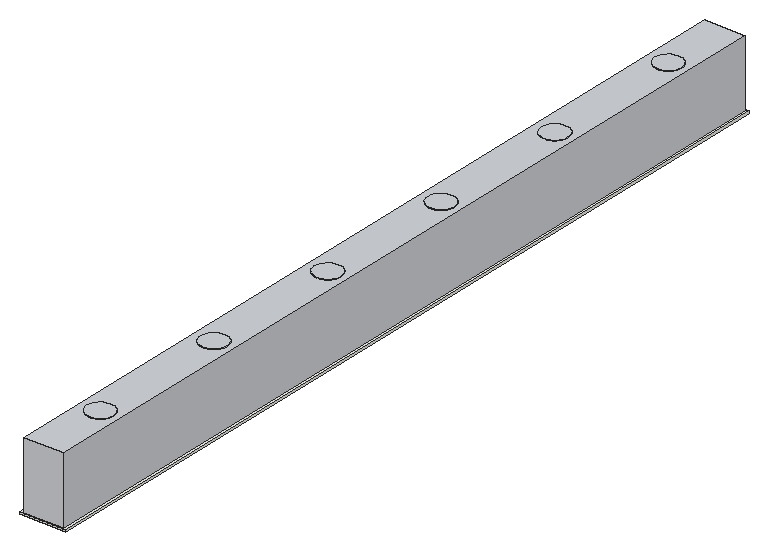
Revit family "MADEL_GRILL_LINEAR_LMT+(PLRX) – (6.D1)_tarifa", category Terminales de aire, Revit 2015
Parameters (values of type "LMT+PLRX 2000x75")
  n_factor [instance] = 30.587  # constant formula
  m_factor = 1.8995  # constant formula
  c_factor [instance] = 1.4086  # constant formula
  b_factor = 0.2676  # constant formula
  V1 [instance] = if(or(ARI, ARD, INT), 1 = 0, 1 = 1)  # yes
  Revit Version = "Revit 2015 - English"  # constant formula
  Review Date = "11/2016"  # constant formula
  Q_Connector [instance] = Q / 6  # 140.598 m³/h
  Q [instance] = 843.588 m³/h
  Product Type [instance] = Modelo  # "LMT+PLRX 2000x75"
  Product Size = "2000x75"
  Product Reference [instance] = if(PLRX, if(AIS, if(R, if(SP, if(DD, if(Nº Options = 7, if([(S)], if(ARD, "LMT-DD-ARD+SP+PLRX+AIS+R (S)", if(INT, "LMT-DD-INT+SP+PLRX+AIS+R (S)", if(ARI, "LMT-DD-ARI+SP+PLRX+AIS+R (S)", "Consult Manufacturer"))), if([(O)], if(ARD, "LMT-DD-ARD+SP+PLRX+AIS+R (O)", if(INT, "LMT-DD-INT+SP+PLRX+AIS+R (O)", if(ARI, "LMT-DD-ARI+SP+PLRX+AIS+R (O)", "Consult Manufacturer"))), "Consult Manufacturer")), if(Nº Options = 6, if(ARD, "LMT-DD-ARD+SP+PLRX+AIS+R", if([(S)], "LMT-DD+SP+PLRX+AIS+R (S)", if([(O)], "LMT-DD+SP+PLRX+AIS+R (O)", if(INT, "LMT-DD-INT+SP+PLRX+AIS+R", if(ARI, "LMT-DD-ARI+SP+PLRX+AIS+R", "Consult Manufacturer"))))), if(Nº Options = 5, "LMT-DD+SP+PLRX+AIS+R", "Consult Manufacturer"))), if(Nº Options = 6, if([(S)], if(ARD, "LMT-ARD+SP+PLRX+AIS+R (S)", if(INT, "LMT-INT+SP+PLRX+AIS+R (S)", if(ARI, "LMT-ARI+SP+PLRX+AIS+R (S)", "Consult Manufacturer"))), if([(O)], if(ARD, "LMT-ARD+SP+PLRX+AIS+R (O)", if(INT, "LMT-INT+SP+PLRX+AIS+R (O)", if(ARI, "LMT-ARI+SP+PLRX+AIS+R (O)", "Consult Manufacturer"))), "Consult Manufacturer")), if(Nº Options = 5, if(ARD, "LMT-ARD+SP+PLRX+AIS+R", if([(S)], "LMT+SP+PLRX+AIS+R (S)", if([(O)], "LMT+SP+PLRX+AIS+R (O)", if(INT, "LMT-INT+SP+PLRX+AIS+R", if(ARI, "LMT-ARI+SP+PLRX+AIS+R", "Consult Manufacturer"))))), if(Nº Options = 4, "LMT+SP+PLRX+AIS+R", "Consult Manufacturer")))), if(DD, if(Nº Options = 6, if([(S)], if(ARD, "LMT-DD-ARD+PLRX+AIS+R (S)", if(INT, "LMT-DD-INT+PLRX+AIS+R (S)", if(ARI, "LMT-DD-ARI+PLRX+AIS+R (S)", "Consult Manufacturer"))), if([(O)], if(ARD, "LMT-DD-ARD+PLRX+AIS+R (O)", if(INT, "LMT-DD-INT+PLRX+AIS+R (O)", if(ARI, "LMT-DD-ARI+PLRX+AIS+R (O)", "Consult Manufacturer"))), "Consult Manufacturer")), if(Nº Options = 5, if(ARD, "LMT-DD-ARD+PLRX+AIS+R", if([(S)], "LMT-DD+PLRX+AIS+R (S)", if([(O)], "LMT-DD+PLRX+AIS+R (O)", if(INT, "LMT-DD-INT+PLRX+AIS+R", if(ARI, "LMT-DD-ARI+PLRX+AIS+R", "Consult Manufacturer"))))), if(Nº Options = 4, "LMT-DD+PLRX+AIS+R", "Consult Manufacturer"))), if(Nº Options = 4, if(ARD, "LMT-ARD+PLRX+AIS+R", if(INT, "LMT-INT+PLRX+AIS+R", if(ARI, "LMT-ARI+PLRX+AIS+R", if([(S)], "LMT+PLRX+AIS+R (S)", if([(O)], "LMT+PLRX+AIS+R (O)", "Consult Manufacturer"))))), if(Nº Options = 5, if([(S)], if(ARD, "LMT-ARD+PLRX+AIS+R (S)", if(INT, "LMT-INT+PLRX+AIS+R (S)", if(ARI, "LMT-ARI+PLRX+AIS+R (S)", "Consult Manufacturer"))), if([(O)], if(ARD, "LMT-ARD+PLRX+AIS+R (O)", if(INT, "LMT-INT+PLRX+AIS+R (O)", if(ARI, "LMT-ARI+PLRX+AIS+R (O)", "Consult Manufacturer"))), "Consult Manufacturer")), if(Nº Options = 3, "LMT+PLRX+AIS+R", "Consult Manufacturer"))))), if(SP, if(DD, if(Nº Options = 6, if([(S)], if(ARD, "LMT-DD-ARD+SP+PLRX+AIS (S)", if(INT, "LMT-DD-INT+SP+PLRX+AIS (S)", if(ARI, "LMT-DD-ARI+SP+PLRX+AIS (S)", "Consult Manufacturer"))), if([(O)], if(ARD, "LMT-DD-ARD+SP+PLRX+AIS (O)", if(INT, "LMT-DD-INT+SP+PLRX+AIS (O)", if(ARI, "LMT-DD-ARI+SP+PLRX+AIS (O)", "Consult Manufacturer"))), "Consult Manufacturer")), if(Nº Options = 5, if(ARD, "LMT-DD-ARD+SP+PLRX+AIS", if([(S)], "LMT-DD+SP+PLRX+AIS (S)", if([(O)], "LMT-DD+SP+PLRX+AIS (O)", if(INT, "LMT-DD-INT+SP+PLRX+AIS", if(ARI, "LMT-DD-ARI+SP+PLRX+AIS", "Consult Manufacturer"))))), if(Nº Options = 4, "LMT-DD+SP+PLRX+AIS", "Consult Manufacturer"))), if(Nº Options = 5, if([(S)], if(ARD, "LMT-ARD+SP+PLRX+AIS (S)", if(INT, "LMT-INT+SP+PLRX+AIS (S)", if(ARI, "LMT-ARI+SP+PLRX+AIS (S)", "Consult Manufacturer"))), if([(O)], if(ARD, "LMT-ARD+SP+PLRX+AIS (O)", if(INT, "LMT-INT+SP+PLRX+AIS (O)", if(ARI, "LMT-ARI+SP+PLRX+AIS (O)", "Consult Manufacturer"))), "Consult Manufacturer")), if(Nº Options = 4, if(ARD, "LMT-ARD+SP+PLRX+AIS", if([(S)], "LMT+SP+PLRX+AIS (S)", if([(O)], "LMT+SP+PLRX+AIS (O)", if(INT, "LMT-INT+SP+PLRX+AIS", if(ARI, "LMT-ARI+SP+PLRX+AIS", "Consult Manufacturer"))))), if(Nº Options = 3, "LMT+SP+PLRX+AIS", "Consult Manufacturer")))), if(DD, if(Nº Options = 5, if([(S)], if(ARD, "LMT-DD-ARD+PLRX+AIS (S)", if(INT, "LMT-DD-INT+PLRX+AIS (S)", if(ARI, "LMT-DD-ARI+PLRX+AIS (S)", "Consult Manufacturer"))), if([(O)], if(ARD, "LMT-DD-ARD+PLRX+AIS (O)", if(INT, "LMT-DD-INT+PLRX+AIS (O)", if(ARI, "LMT-DD-ARI+PLRX+AIS (O)", "Consult Manufacturer"))), "Consult Manufacturer")), if(Nº Options = 4, if(ARD, "LMT-DD-ARD+PLRX+AIS", if([(S)], "LMT-DD+PLRX+AIS (S)", if([(O)], "LMT-DD+PLRX+AIS (O)", if(INT, "LMT-DD-INT+PLRX+AIS", if(ARI, "LMT-DD-ARI+PLRX+AIS", "Consult Manufacturer"))))), if(Nº Options = 3, "LMT-DD+PLRX+AIS", "Consult Manufacturer"))), if(Nº Options = 3, if(ARD, "LMT-ARD+PLRX+AIS", if(INT, "LMT-INT+PLRX+AIS", if(ARI, "LMT-ARI+PLRX+AIS", if([(S)], "LMT+PLRX+AIS (S)", if([(O)], "LMT+PLRX+AIS (O)", "Consult Manufacturer"))))), if(Nº Options = 4, if([(S)], if(ARD, "LMT-ARD+PLRX+AIS (S)", if(INT, "LMT-INT+PLRX+AIS (S)", if(ARI, "LMT-ARI+PLRX+AIS (S)", "Consult Manufacturer"))), if([(O)], if(ARD, "LMT-ARD+PLRX+AIS (O)", if(INT, "LMT-INT+PLRX+AIS (O)", if(ARI, "LMT-ARI+PLRX+AIS (O)", "Consult Manufacturer"))), "Consult Manufacturer")), if(Nº Options = 2, "LMT+PLRX+AIS", "Consult Manufacturer")))))), if(R, if(SP, if(DD, if(Nº Options = 6, if([(S)], if(ARD, "LMT-DD-ARD+SP+PLRX+R (S)", if(INT, "LMT-DD-INT+SP+PLRX+R (S)", if(ARI, "LMT-DD-ARI+SP+PLRX+R (S)", "Consult Manufacturer"))), if([(O)], if(ARD, "LMT-DD-ARD+SP+PLRX+R (O)", if(INT, "LMT-DD-INT+SP+PLRX+R (O)", if(ARI, "LMT-DD-ARI+SP+PLRX+R (O)", "Consult Manufacturer"))), "Consult Manufacturer")), if(Nº Options = 5, if(ARD, "LMT-DD-ARD+SP+PLRX+R", if([(S)], "LMT-DD+SP+PLRX+R (S)", if([(O)], "LMT-DD+SP+PLRX+R (O)", if(INT, "LMT-DD-INT+SP+PLRX+R", if(ARI, "LMT-DD-ARI+SP+PLRX+R", "Consult Manufacturer"))))), if(Nº Options = 4, "LMT-DD+SP+PLRX+R", "Consult Manufacturer"))), if(Nº Options = 5, if([(S)], if(ARD, "LMT-ARD+SP+PLRX+R (S)", if(INT, "LMT-INT+SP+PLRX+R (S)", if(ARI, "LMT-ARI+SP+PLRX+R (S)", "Consult Manufacturer"))), if([(O)], if(ARD, "LMT-ARD+SP+PLRX+R (O)", if(INT, "LMT-INT+SP+PLRX+R (O)", if(ARI, "LMT-ARI+SP+PLRX+R (O)", "Consult Manufacturer"))), "Consult Manufacturer")), if(Nº Options = 4, if(ARD, "LMT-ARD+SP+PLRX+R", if([(S)], "LMT+SP+PLRX+R (S)", if([(O)], "LMT+SP+PLRX+R (O)", if(INT, "LMT-INT+SP+PLRX+R", if(ARI, "LMT-ARI+SP+PLRX+R", "Consult Manufacturer"))))), if(Nº Options = 3, "LMT+SP+PLRX+R", "Consult Manufacturer")))), if(DD, if(Nº Options = 5, if([(S)], if(ARD, "LMT-DD-ARD+PLRX+R (S)", if(INT, "LMT-DD-INT+PLRX+R (S)", if(ARI, "LMT-DD-ARI+PLRX+R (S)", "Consult Manufacturer"))), if([(O)], if(ARD, "LMT-DD-ARD+PLRX+R (O)", if(INT, "LMT-DD-INT+PLRX+R (O)", if(ARI, "LMT-DD-ARI+PLRX+R (O)", "Consult Manufacturer"))), "Consult Manufacturer")), if(Nº Options = 4, if(ARD, "LMT-DD-ARD+PLRX+R", if([(S)], "LMT-DD+PLRX+R (S)", if([(O)], "LMT-DD+PLRX+R (O)", if(INT, "LMT-DD-INT+PLRX+R", if(ARI, "LMT-DD-ARI+PLRX+R", "Consult Manufacturer"))))), if(Nº Options = 3, "LMT-DD+PLRX+R", "Consult Manufacturer"))), if(Nº Options = 3, if(ARD, "LMT-ARD+PLRX+R", if(INT, "LMT-INT+PLRX+R", if(ARI, "LMT-ARI+PLRX+R", if([(S)], "LMT+PLRX+R (S)", if([(O)], "LMT+PLRX+R (O)", "Consult Manufacturer"))))), if(Nº Options = 4, if([(S)], if(ARD, "LMT-ARD+PLRX+R (S)", if(INT, "LMT-INT+PLRX+R (S)", if(ARI, "LMT-ARI+PLRX+R (S)", "Consult Manufacturer"))), if([(O)], if(ARD, "LMT-ARD+PLRX+R (O)", if(INT, "LMT-INT+PLRX+R (O)", if(ARI, "LMT-ARI+PLRX+R (O)", "Consult Manufacturer"))), "Consult Manufacturer")), if(Nº Options = 2, "LMT+PLRX+R", "Consult Manufacturer"))))), if(SP, if(DD, if(Nº Options = 5, if([(S)], if(ARD, "LMT-DD-ARD+SP+PLRX (S)", if(INT, "LMT-DD-INT+SP+PLRX (S)", if(ARI, "LMT-DD-ARI+SP+PLRX (S)", "Consult Manufacturer"))), if([(O)], if(ARD, "LMT-DD-ARD+SP+PLRX (O)", if(INT, "LMT-DD-INT+SP+PLRX (O)", if(ARI, "LMT-DD-ARI+SP+PLRX (O)", "Consult Manufacturer"))), "Consult Manufacturer")), if(Nº Options = 4, if(ARD, "LMT-DD-ARD+SP+PLRX", if([(S)], "LMT-DD+SP+PLRX (S)", if([(O)], "LMT-DD+SP+PLRX (O)", if(INT, "LMT-DD-INT+SP+PLRX", if(ARI, "LMT-DD-ARI+SP+PLRX", "Consult Manufacturer"))))), if(Nº Options = 3, "LMT-DD+SP+PLRX", "Consult Manufacturer"))), if(Nº Options = 4, if([(S)], if(ARD, "LMT-ARD+SP+PLRX (S)", if(INT, "LMT-INT+SP+PLRX (S)", if(ARI, "LMT-ARI+SP+PLRX (S)", "Consult Manufacturer"))), if([(O)], if(ARD, "LMT-ARD+SP+PLRX (O)", if(INT, "LMT-INT+SP+PLRX (O)", if(ARI, "LMT-ARI+SP+PLRX (O)", "Consult Manufacturer"))), "Consult Manufacturer")), if(Nº Options = 3, if(ARD, "LMT-ARD+SP+PLRX", if([(S)], "LMT+SP+PLRX (S)", if([(O)], "LMT+SP+PLRX (O)", if(INT, "LMT-INT+SP+PLRX", if(ARI, "LMT-ARI+SP+PLRX", "Consult Manufacturer"))))), if(Nº Options = 2, "LMT+SP+PLRX", "Consult Manufacturer")))), if(DD, if(Nº Options = 4, if([(S)], if(ARD, "LMT-DD-ARD+PLRX (S)", if(INT, "LMT-DD-INT+PLRX (S)", if(ARI, "LMT-DD-ARI+PLRX (S)", "Consult Manufacturer"))), if([(O)], if(ARD, "LMT-DD-ARD+PLRX (O)", if(INT, "LMT-DD-INT+PLRX (O)", if(ARI, "LMT-DD-ARI+PLRX (O)", "Consult Manufacturer"))), "Consult Manufacturer")), if(Nº Options = 3, if(ARD, "LMT-DD-ARD+PLRX", if([(S)], "LMT-DD+PLRX (S)", if([(O)], "LMT-DD+PLRX (O)", if(INT, "LMT-DD-INT+PLRX", if(ARI, "LMT-DD-ARI+PLRX", "Consult Manufacturer"))))), if(Nº Options = 2, "LMT-DD+PLRX", "Consult Manufacturer"))), if(Nº Options = 2, if(ARD, "LMT-ARD+PLRX", if(INT, "LMT-INT+PLRX", if(ARI, "LMT-ARI+PLRX", if([(S)], "LMT+PLRX (S)", if([(O)], "LMT+PLRX (O)", "Consult Manufacturer"))))), if(Nº Options = 3, if([(S)], if(ARD, "LMT-ARD+PLRX (S)", if(INT, "LMT-INT+PLRX (S)", if(ARI, "LMT-ARI+PLRX (S)", "Consult Manufacturer"))), if([(O)], if(ARD, "LMT-ARD+PLRX (O)", if(INT, "LMT-INT+PLRX (O)", if(ARI, "LMT-ARI+PLRX (O)", "Consult Manufacturer"))), "Consult Manufacturer")), if(Nº Options = 1, "LMT+PLRX", "Consult Manufacturer"))))))), if([PLRX/L], if(AIS, if(R, if(SP, if(DD, if(Nº Options = 7, if([(S)], if(ARD, "LMT-DD-ARD+SP+PLRX/L+AIS+R (S)", if(INT, "LMT-DD-INT+SP+PLRX/L+AIS+R (S)", if(ARI, "LMT-DD-ARI+SP+PLRX/L+AIS+R (S)", "Consult Manufacturer"))), if([(O)], if(ARD, "LMT-DD-ARD+SP+PLRX/L+AIS+R (O)", if(INT, "LMT-DD-INT+SP+PLRX/L+AIS+R (O)", if(ARI, "LMT-DD-ARI+SP+PLRX/L+AIS+R (O)", "Consult Manufacturer"))), "Consult Manufacturer")), if(Nº Options = 6, if(ARD, "LMT-DD-ARD+SP+PLRX/L+AIS+R", if([(S)], "LMT-DD+SP+PLRX/L+AIS+R (S)", if([(O)], "LMT-DD+SP+PLRX/L+AIS+R (O)", if(INT, "LMT-DD-INT+SP+PLRX/L+AIS+R", if(ARI, "LMT-DD-ARI+SP+PLRX/L+AIS+R", "Consult Manufacturer"))))), if(Nº Options = 5, "LMT-DD+SP+PLRX/L+AIS+R", "Consult Manufacturer"))), if(Nº Options = 6, if([(S)], if(ARD, "LMT-ARD+SP+PLRX/L+AIS+R (S)", if(INT, "LMT-INT+SP+PLRX/L+AIS+R (S)", if(ARI, "LMT-ARI+SP+PLRX/L+AIS+R (S)", "Consult Manufacturer"))), if([(O)], if(ARD, "LMT-ARD+SP+PLRX/L+AIS+R (O)", if(INT, "LMT-INT+SP+PLRX/L+AIS+R (O)", if(ARI, "LMT-ARI+SP+PLRX/L+AIS+R (O)", "Consult Manufacturer"))), "Consult Manufacturer")), if(Nº Options = 5, if(ARD, "LMT-ARD+SP+PLRX/L+AIS+R", if([(S)], "LMT+SP+PLRX/L+AIS+R (S)", if([(O)], "LMT+SP+PLRX/L+AIS+R (O)", if(INT, "LMT-INT+SP+PLRX/L+AIS+R", if(ARI, "LMT-ARI+SP+PLRX/L+AIS+R", "Consult Manufacturer"))))), if(Nº Options = 4, "LMT+SP+PLRX/L+AIS+R", "Consult Manufacturer")))), if(DD, if(Nº Options = 6, if([(S)], if(ARD, "LMT-DD-ARD+PLRX/L+AIS+R (S)", if(INT, "LMT-DD-INT+PLRX/L+AIS+R (S)", if(ARI, "LMT-DD-ARI+PLRX/L+AIS+R (S)", "Consult Manufacturer"))), if([(O)], if(ARD, "LMT-DD-ARD+PLRX/L+AIS+R (O)", if(INT, "LMT-DD-INT+PLRX/L+AIS+R (O)", if(ARI, "LMT-DD-ARI+PLRX/L+AIS+R (O)", "Consult Manufacturer"))), "Consult Manufacturer")), if(Nº Options = 5, if(ARD, "LMT-DD-ARD+PLRX/L+AIS+R", if([(S)], "LMT-DD+PLRX/L+AIS+R (S)", if([(O)], "LMT-DD+PLRX/L+AIS+R (O)", if(INT, "LMT-DD-INT+PLRX/L+AIS+R", if(ARI, "LMT-DD-ARI+PLRX/L+AIS+R", "Consult Manufacturer"))))), if(Nº Options = 4, "LMT-DD+PLRX/L+AIS+R", "Consult Manufacturer"))), if(Nº Options = 4, if(ARD, "LMT-ARD+PLRX/L+AIS+R", if(INT, "LMT-INT+PLRX/L+AIS+R", if(ARI, "LMT-ARI+PLRX/L+AIS+R", if([(S)], "LMT+PLRX/L+AIS+R (S)", if([(O)], "LMT+PLRX/L+AIS+R (O)", "Consult Manufacturer"))))), if(Nº Options = 5, if([(S)], if(ARD, "LMT-ARD+PLRX/L+AIS+R (S)", if(INT, "LMT-INT+PLRX/L+AIS+R (S)", if(ARI, "LMT-ARI+PLRX/L+AIS+R (S)", "Consult Manufacturer"))), if([(O)], if(ARD, "LMT-ARD+PLRX/L+AIS+R (O)", if(INT, "LMT-INT+PLRX/L+AIS+R (O)", if(ARI, "LMT-ARI+PLRX/L+AIS+R (O)", "Consult Manufacturer"))), "Consult Manufacturer")), if(Nº Options = 3, "LMT+PLRX/L+AIS+R", "Consult Manufacturer"))))), if(SP, if(DD, if(Nº Options = 6, if([(S)], if(ARD, "LMT-DD-ARD+SP+PLRX/L+AIS (S)", if(INT, "LMT-DD-INT+SP+PLRX/L+AIS (S)", if(ARI, "LMT-DD-ARI+SP+PLRX/L+AIS (S)", "Consult Manufacturer"))), if([(O)], if(ARD, "LMT-DD-ARD+SP+PLRX/L+AIS (O)", if(INT, "LMT-DD-INT+SP+PLRX/L+AIS (O)", if(ARI, "LMT-DD-ARI+SP+PLRX/L+AIS (O)", "Consult Manufacturer"))), "Consult Manufacturer")), if(Nº Options = 5, if(ARD, "LMT-DD-ARD+SP+PLRX/L+AIS", if([(S)], "LMT-DD+SP+PLRX/L+AIS (S)", if([(O)], "LMT-DD+SP+PLRX/L+AIS (O)", if(INT, "LMT-DD-INT+SP+PLRX/L+AIS", if(ARI, "LMT-DD-ARI+SP+PLRX/L+AIS", "Consult Manufacturer"))))), if(Nº Options = 4, "LMT-DD+SP+PLRX/L+AIS", "Consult Manufacturer"))), if(Nº Options = 5, if([(S)], if(ARD, "LMT-ARD+SP+PLRX/L+AIS (S)", if(INT, "LMT-INT+SP+PLRX/L+AIS (S)", if(ARI, "LMT-ARI+SP+PLRX/L+AIS (S)", "Consult Manufacturer"))), if([(O)], if(ARD, "LMT-ARD+SP+PLRX/L+AIS (O)", if(INT, "LMT-INT+SP+PLRX/L+AIS (O)", if(ARI, "LMT-ARI+SP+PLRX/L+AIS (O)", "Consult Manufacturer"))), "Consult Manufacturer")), if(Nº Options = 4, if(ARD, "LMT-ARD+SP+PLRX/L+AIS", if([(S)], "LMT+SP+PLRX/L+AIS (S)", if([(O)], "LMT+SP+PLRX/L+AIS (O)", if(INT, "LMT-INT+SP+PLRX/L+AIS", if(ARI, "LMT-ARI+SP+PLRX/L+AIS", "Consult Manufacturer"))))), if(Nº Options = 3, "LMT+SP+PLRX/L+AIS", "Consult Manufacturer")))), if(DD, if(Nº Options = 5, if([(S)], if(ARD, "LMT-DD-ARD+PLRX/L+AIS (S)", if(INT, "LMT-DD-INT+PLRX/L+AIS (S)", if(ARI, "LMT-DD-ARI+PLRX/L+AIS (S)", "Consult Manufacturer"))), if([(O)], if(ARD, "LMT-DD-ARD+PLRX/L+AIS (O)", if(INT, "LMT-DD-INT+PLRX/L+AIS (O)", if(ARI, "LMT-DD-ARI+PLRX/L+AIS (O)", "Consult Manufacturer"))), "Consult Manufacturer")), if(Nº Options = 4, if(ARD, "LMT-DD-ARD+PLRX/L+AIS", if([(S)], "LMT-DD+PLRX/L+AIS (S)", if([(O)], "LMT-DD+PLRX/L+AIS (O)", if(INT, "LMT-DD-INT+PLRX/L+AIS", if(ARI, "LMT-DD-ARI+PLRX/L+AIS", "Consult Manufacturer"))))), if(Nº Options = 3, "LMT-DD+PLRX/L+AIS", "Consult Manufacturer"))), if(Nº Options = 3, if(ARD, "LMT-ARD+PLRX/L+AIS", if(INT, "LMT-INT+PLRX/L+AIS", if(ARI, "LMT-ARI+PLRX/L+AIS", if([(S)], "LMT+PLRX/L+AIS (S)", if([(O)], "LMT+PLRX/L+AIS (O)", "Consult Manufacturer"))))), if(Nº Options = 4, if([(S)], if(ARD, "LMT-ARD+PLRX/L+AIS (S)", if(INT, "LMT-INT+PLRX/L+AIS (S)", if(ARI, "LMT-ARI+PLRX/L+AIS (S)", "Consult Manufacturer"))), if([(O)], if(ARD, "LMT-ARD+PLRX/L+AIS (O)", if(INT, "LMT-INT+PLRX/L+AIS (O)", if(ARI, "LMT-ARI+PLRX/L+AIS (O)", "Consult Manufacturer"))), "Consult Manufacturer")), if(Nº Options = 2, "LMT+PLRX/L+AIS", "Consult Manufacturer")))))), if(R, if(SP, if(DD, if(Nº Options = 6, if([(S)], if(ARD, "LMT-DD-ARD+SP+PLRX/L+R (S)", if(INT, "LMT-DD-INT+SP+PLRX/L+R (S)", if(ARI, "LMT-DD-ARI+SP+PLRX/L+R (S)", "Consult Manufacturer"))), if([(O)], if(ARD, "LMT-DD-ARD+SP+PLRX/L+R (O)", if(INT, "LMT-DD-INT+SP+PLRX/L+R (O)", if(ARI, "LMT-DD-ARI+SP+PLRX/L+R (O)", "Consult Manufacturer"))), "Consult Manufacturer")), if(Nº Options = 5, if(ARD, "LMT-DD-ARD+SP+PLRX/L+R", if([(S)], "LMT-DD+SP+PLRX/L+R (S)", if([(O)], "LMT-DD+SP+PLRX/L+R (O)", if(INT, "LMT-DD-INT+SP+PLRX/L+R", if(ARI, "LMT-DD-ARI+SP+PLRX/L+R", "Consult Manufacturer"))))), if(Nº Options = 4, "LMT-DD+SP+PLRX/L+R", "Consult Manufacturer"))), if(Nº Options = 5, if([(S)], if(ARD, "LMT-ARD+SP+PLRX/L+R (S)", if(INT, "LMT-INT+SP+PLRX/L+R (S)", if(ARI, "LMT-ARI+SP+PLRX/L+R (S)", "Consult Manufacturer"))), if([(O)], if(ARD, "LMT-ARD+SP+PLRX/L+R (O)", if(INT, "LMT-INT+SP+PLRX/L+R (O)", if(ARI, "LMT-ARI+SP+PLRX/L+R (O)", "Consult Manufacturer"))), "Consult Manufacturer")), if(Nº Options = 4, if(ARD, "LMT-ARD+SP+PLRX/L+R", if([(S)], "LMT+SP+PLRX/L+R (S)", if([(O)], "LMT+SP+PLRX/L+R (O)", if(INT, "LMT-INT+SP+PLRX/L+R", if(ARI, "LMT-ARI+SP+PLRX/L+R", "Consult Manufacturer"))))), if(Nº Options = 3, "LMT+SP+PLRX/L+R", "Consult Manufacturer")))), if(DD, if(Nº Options = 5, if([(S)], if(ARD, "LMT-DD-ARD+PLRX/L+R (S)", if(INT, "LMT-DD-INT+PLRX/L+R (S)", if(ARI, "LMT-DD-ARI+PLRX/L+R (S)", "Consult Manufacturer"))), if([(O)], if(ARD, "LMT-DD-ARD+PLRX/L+R (O)", if(INT, "LMT-DD-INT+PLRX/L+R (O)", if(ARI, "LMT-DD-ARI+PLRX/L+R (O)", "Consult Manufacturer"))), "Consult Manufacturer")), if(Nº Options = 4, if(ARD, "LMT-DD-ARD+PLRX/L+R", if([(S)], "LMT-DD+PLRX/L+R (S)", if([(O)], "LMT-DD+PLRX/L+R (O)", if(INT, "LMT-DD-INT+PLRX/L+R", if(ARI, "LMT-DD-ARI+PLRX/L+R", "Consult Manufacturer"))))), if(Nº Options = 3, "LMT-DD+PLRX/L+R", "Consult Manufacturer"))), if(Nº Options = 3, if(ARD, "LMT-ARD+PLRX/L+R", if(INT, "LMT-INT+PLRX/L+R", if(ARI, "LMT-ARI+PLRX/L+R", if([(S)], "LMT+PLRX/L+R (S)", if([(O)], "LMT+PLRX/L+R (O)", "Consult Manufacturer"))))), if(Nº Options = 4, if([(S)], if(ARD, "LMT-ARD+PLRX/L+R (S)", if(INT, "LMT-INT+PLRX/L+R (S)", if(ARI, "LMT-ARI+PLRX/L+R (S)", "Consult Manufacturer"))), if([(O)], if(ARD, "LMT-ARD+PLRX/L+R (O)", if(INT, "LMT-INT+PLRX/L+R (O)", if(ARI, "LMT-ARI+PLRX/L+R (O)", "Consult Manufacturer"))), "Consult Manufacturer")), if(Nº Options = 2, "LMT+PLRX/L+R", "Consult Manufacturer"))))), if(SP, if(DD, if(Nº Options = 5, if([(S)], if(ARD, "LMT-DD-ARD+SP+PLRX/L (S)", if(INT, "LMT-DD-INT+SP+PLRX/L (S)", if(ARI, "LMT-DD-ARI+SP+PLRX/L (S)", "Consult Manufacturer"))), if([(O)], if(ARD, "LMT-DD-ARD+SP+PLRX/L (O)", if(INT, "LMT-DD-INT+SP+PLRX/L (O)", if(ARI, "LMT-DD-ARI+SP+PLRX/L (O)", "Consult Manufacturer"))), "Consult Manufacturer")), if(Nº Options = 4, if(ARD, "LMT-DD-ARD+SP+PLRX/L", if([(S)], "LMT-DD+SP+PLRX/L (S)", if([(O)], "LMT-DD+SP+PLRX/L (O)", if(INT, "LMT-DD-INT+SP+PLRX/L", if(ARI, "LMT-DD-ARI+SP+PLRX/L", "Consult Manufacturer"))))), if(Nº Options = 3, "LMT-DD+SP+PLRX/L", "Consult Manufacturer"))), if(Nº Options = 4, if([(S)], if(ARD, "LMT-ARD+SP+PLRX/L (S)", if(INT, "LMT-INT+SP+PLRX/L (S)", if(ARI, "LMT-ARI+SP+PLRX/L (S)", "Consult Manufacturer"))), if([(O)], if(ARD, "LMT-ARD+SP+PLRX/L (O)", if(INT, "LMT-INT+SP+PLRX/L (O)", if(ARI, "LMT-ARI+SP+PLRX/L (O)", "Consult Manufacturer"))), "Consult Manufacturer")), if(Nº Options = 3, if(ARD, "LMT-ARD+SP+PLRX/L", if([(S)], "LMT+SP+PLRX/L (S)", if([(O)], "LMT+SP+PLRX/L (O)", if(INT, "LMT-INT+SP+PLRX/L", if(ARI, "LMT-ARI+SP+PLRX/L", "Consult Manufacturer"))))), if(Nº Options = 2, "LMT+SP+PLRX/L", "Consult Manufacturer")))), if(DD, if(Nº Options = 4, if([(S)], if(ARD, "LMT-DD-ARD+PLRX/L (S)", if(INT, "LMT-DD-INT+PLRX/L (S)", if(ARI, "LMT-DD-ARI+PLRX/L (S)", "Consult Manufacturer"))), if([(O)], if(ARD, "LMT-DD-ARD+PLRX/L (O)", if(INT, "LMT-DD-INT+PLRX/L (O)", if(ARI, "LMT-DD-ARI+PLRX/L (O)", "Consult Manufacturer"))), "Consult Manufacturer")), if(Nº Options = 3, if(ARD, "LMT-DD-ARD+PLRX/L", if([(S)], "LMT-DD+PLRX/L (S)", if([(O)], "LMT-DD+PLRX/L (O)", if(INT, "LMT-DD-INT+PLRX/L", if(ARI, "LMT-DD-ARI+PLRX/L", "Consult Manufacturer"))))), if(Nº Options = 2, "LMT-DD+PLRX/L", "Consult Manufacturer"))), if(Nº Options = 2, if(ARD, "LMT-ARD+PLRX/L", if(INT, "LMT-INT+PLRX/L", if(ARI, "LMT-ARI+PLRX/L", if([(S)], "LMT+PLRX/L (S)", if([(O)], "LMT+PLRX/L (O)", "Consult Manufacturer"))))), if(Nº Options = 3, if([(S)], if(ARD, "LMT-ARD+PLRX/L (S)", if(INT, "LMT-INT+PLRX/L (S)", if(ARI, "LMT-ARI+PLRX/L (S)", "Consult Manufacturer"))), if([(O)], if(ARD, "LMT-ARD+PLRX/L (O)", if(INT, "LMT-INT+PLRX/L (O)", if(ARI, "LMT-ARI+PLRX/L (O)", "Consult Manufacturer"))), "Consult Manufacturer")), if(Nº Options = 1, "LMT+PLRX/L", "Consult Manufacturer"))))))), "Consult Manufacturer"))  # "LMT+SP+PLRX+AIS+R"
  Plenum Connection Type [instance] = if(PLRX, "Upper", "Lateral")  # "Upper"
  PLRX/L = if(PLRX, 1 = 0, 1 = 1)  # no
  PLRX = 1 = 1  # yes
  Nº Plenum Connections = 6  # constant formula
  Nº Options [instance] = if(PLRX, 1, 0) + if([PLRX/L], 1, 0) + if(DD, 1, 0) + if(ARI, 1, 0) + if(ARD, 1, 0) + if(INT, 1, 0) + if(R, 1, 0) + if(AIS, 1, 0) + if(SP, 1, 0) + if([(S)], 1, 0) + if([(O)], 1, 0)  # 4
  Nº Finishes [instance] = if(AA, 1, 0) + if(M9016, 1, 0)  # 1
  Nº  Blades = roundup((H1 - 15.0 mm) / 13.0 mm)  # 4
  N_Graphic lines = (H / 40.0 mm) - (L / 1.0 mm) + (L / 1.0 mm)  # 2
  Vmin = 2.0 m/s  # constant formula
  Vmed = 3.65 m/s  # constant formula
  Vmax = 4.8 m/s  # constant formula
  V[m/s] [instance] = Q / Afree / 1.0 m/s  # 3.65
  URL = "http://www.madel.com/en/producto/lmt-linear-grilles/"
  SP [instance] = yes
  RAL [instance] = ""
  R [instance] = yes
  Modelo = "LMT+PLRX 2000x75"
  Material and finishes [instance] = if(and(AA, Nº Finishes = 1), "AA", if(and(M9016, Nº Finishes = 1), "M9016", if(Nº Finishes = 0, "Custom RAL", "Consult Manufacturer")))  # "M9016"
  Material Plenum Box = none
  Material Grill = MADEL_M9016
  M9016 [instance] = yes
  Lw (dB(A)) [instance] = n_factor * (log([V[m/s]]) / log(2.7183)) + c_factor  # 41.0104
  L3 = L - 15.0 mm  # 1985.0 mm
  H2 = H1 / (N_Graphic lines + 1)  # 20.0 mm
  L1 [instance] = if(and(SP, DD), 102.0 mm, if(SP, 85.0 mm, if(DD, 42.0 mm, 25.0 mm)))  # 85.0 mm
  L = 2000.0 mm
  Imagen de tipo = <Ninguno>
  IfcExportType = "IfcAirTerminalType"  # constant formula
  IfcExportAs = "IfcAirTerminalType"  # constant formula
  INT [instance] = no
  H1 = H - 15.0 mm  # 60.0 mm
  H = 75.0 mm
  Flujo mín. = Vmin * Afree  # 462.24 m³/h
  Flujo máx. = Vmax * Afree  # 1109.38 m³/h
  Fabricante = "MADEL"  # constant formula
  Family Version = "1.0"  # constant formula
  E [instance] = if(or(INT, ARD, ARI), H + 20.0 mm, H + 20.0 mm)  # 95.0 mm
  Description = "MADEL_Linear Grilles\r\n"  # constant formula
  D_Connector = 63.0 mm
  DPt [instance] = (10 ^ (log([V[m/s]]) * m_factor + b_factor)) * 1.0 Pa  # 21.6608 Pa
  DD [instance] = no
  D1 = D_Connector - 2.0 mm  # 61.0 mm
  Comentarios de tipo = "The LMT series grilles are designed to be used in air-conditioning, ventilation and heating. The distance between the blades and the thickness of them give great strength and an aesthetic appearance which makes them ideal for living rooms and locations where decorative factors are of prime importance. They are suitable for supply and extraction in particular or for use in air curtains. They can be placed in ceilings, walls, separate units, fan coils and on the ground."  # constant formula
  Created by = "BIMETRICAL"  # constant formula
  Blade Lenght = L3  # 1985.0 mm
  BIMETRICAL Category = "AirTerminal"  # constant formula
  BIMETRICAL = "http://www.bimetrical.com"  # constant formula
  B [instance] = if(or(INT, ARD, ARI), L3 + 3.0 mm, L + 30.0 mm)  # 2030.0 mm
  Afree = 0.0642 m²
  ARI [instance] = no
  ARD [instance] = no
  AIS [instance] = yes
  AA [instance] = no
  (S) [instance] = no
  (O) [instance] = no
Types (5, lengths in mm): name | Q_Connector | Q | Product Type | Product Size | Modelo | L3 | L | Flujo mín. | Flujo máx. | Blade Lenght | B | Afree
  LMT+PLRX 1600x75 | 140.598 m³/h | 843.588 m³/h | "LMT+PLRX 1600x75" | "1600x75" | "LMT+PLRX 1600x75" | 1585.0 | 1600.0 | 462.24 m³/h | 1109.38 m³/h | 1585.0 | 1630.0 | 0.0642 m²
  LMT+PLRX 1700x75 | 119.136 m³/h | 714.816 m³/h | "LMT+PLRX 1700x75" | "1700x75" | "LMT+PLRX 1700x75" | 1685.0 | 1700.0 | 391.68 m³/h | 940.032 m³/h | 1685.0 | 1730.0 | 0.0544 m²
  LMT+PLRX 1800x75 | 126.363 m³/h | 758.178 m³/h | "LMT+PLRX 1800x75" | "1800x75" | "LMT+PLRX 1800x75" | 1785.0 | 1800.0 | 415.44 m³/h | 997.056 m³/h | 1785.0 | 1830.0 | 0.0577 m²
  LMT+PLRX 1900x75 | 133.59 m³/h | 801.54 m³/h | "LMT+PLRX 1900x75" | "1900x75" | "LMT+PLRX 1900x75" | 1885.0 | 1900.0 | 439.2 m³/h | 1054.08 m³/h | 1885.0 | 1930.0 | 0.0610 m²
  LMT+PLRX 2000x75 | 140.598 m³/h | 843.588 m³/h | "LMT+PLRX 2000x75" | "2000x75" | "LMT+PLRX 2000x75" | 1985.0 | 2000.0 | 462.24 m³/h | 1109.38 m³/h | 1985.0 | 2030.0 | 0.0642 m²
Reference planes
  plane 1 "Centro (Frontal/Posterior)": z = 0
  plane 2: y = 435
  plane 3 "Centro (Izquierda/Derecha)": x = 0
  plane 4: x = -30
  plane 5: x = 30
  plane 6: y = -557.5
  plane 7: y = 1427.5
  plane 8: z = 85
  plane 9: z = -5
  plane 10: x = -22.5
  plane 11: x = 22.5
  plane 12: z = 0
Forms (mm)
  Extrusion 1, solid, material "MADEL_M9016" <- "Material Grill", detail levels coarse
    sketch origin (0, 435, 5) x (1, 0, 0) y (0, 0, 1)
      loop
        line (30, -10) -> (30, 80) -> (-30, 80) -> (-30, -10) -> (30, -10)
    from -992.5 to 992.5
  Extrusion 2, solid, material "MADEL_M9016" <- "Material Grill", visible <- "ARI"
    sketch origin (0, -196, 0) x (1, 0, 0) y (0, 1, 0)
      loop
        line (-54, 1647.5) -> (-54, -361.5) -> (-30, -361.5) -> (-30, 1623.5) -> (30, 1623.5) -> (30, -361.5) -> (54, -361.5) -> (54, 1647.5) -> (-54, 1647.5)
    from -5 to 0
  Extrusion 3, solid, material "MADEL_M9016" <- "Material Grill", visible <- "ARD"
    sketch origin (0, -1220, 0) x (1, 0, 0) y (0, 1, 0)
      loop
        line (-54, 638.5) -> (54, 638.5) -> (54, 2647.5) -> (30, 2647.5) -> (30, 662.5) -> (-30, 662.5) -> (-30, 2647.5) -> (-54, 2647.5) -> (-54, 638.5)
    from -5 to 0
  Extrusion 4, solid, material "MADEL_M9016" <- "Material Grill", visible <- "V1"
    sketch origin (0, -1220, 0) x (1, 0, 0) y (0, 1, 0)
      loop
        line (-54, 638.5) -> (54, 638.5) -> (54, 2671.5) -> (-54, 2671.5) -> (-54, 638.5)
      loop
        line (-30, 2647.5) -> (-30, 662.5) -> (30, 662.5) -> (30, 2647.5) -> (-30, 2647.5)
    from -5 to 0
  Extrusion 5, solid, material "MADEL_M9016" <- "Material Grill", visible <- "INT"
    sketch origin (0, -1220, 0) x (1, 0, 0) y (0, 1, 0)
      loop
        line (-54, 662.5) -> (-30, 662.5) -> (-30, 2647.5) -> (-54, 2647.5) -> (-54, 662.5)
      loop
        line (54, 662.5) -> (54, 2647.5) -> (30, 2647.5) -> (30, 662.5) -> (54, 662.5)
    from -5 to 0
  Extrusion 6, solid, material "MADEL_M9016" <- "Material Grill", detail levels medium+fine
    sketch origin (0, 0, 0) x (1, 0, 0) y (0, 1, 0)
      loop
        line (-30, 1427.5) -> (-30, -557.5) -> (30, -557.5) -> (30, 1427.5) -> (-30, 1427.5)
      loop
        line (-31.2, 1428.7) -> (-31.2, -558.7) -> (31.2, -558.7) -> (31.2, 1428.7) -> (-31.2, 1428.7)
    from 0 to 85
Dimensions and locks
  equal spacing: plane 5, plane 3 "Centro (Izquierda/Derecha)", plane 4
  "H1": plane 5 to plane 4
  equal spacing: plane 7, plane 2, plane 6
  "L3": plane 7 to plane 6
  "L1": plane 8 to plane 1 "Centro (Frontal/Posterior)"
  Extrusion 2 to plane 7 = 24.0 mm
  locked: plane 6 to Extrusion 3 at 24
  locked: Extrusion 2 sketch curve to plane 4 at 24
  locked: plane 5 to Extrusion 2 sketch curve at 24
  locked: Extrusion 2 sketch curve to plane 7 at 24
  locked: plane 6 to Extrusion 3 sketch curve at 24
  locked: Extrusion 3 sketch curve to plane 4 at 24
  locked: plane 5 to Extrusion 3 sketch curve at 24
  locked: plane 1 "Centro (Frontal/Posterior)" to plane 9 at 5
  "H2": plane 4 to nested 2
  group 1 to group 2 = 20.0 mm
  group 1 to group 2 = 0.0 mm  (x2)
  "H2": nested 3 to plane 5
  locked: plane 4 to plane 10 at 7.5
  locked: plane 11 to plane 5 at 7.5
  equal spacing: group 3, group 5, group 6, group 4  (x3)
  locked: Extrusion 1 to Extrusion 6 sketch curve at 1.2  (x2)
  locked: Extrusion 6 sketch curve to Extrusion 1 at 1.2  (x2)
  locked: plane 12 to plane 9 at 5
  aligned and locked: plane 4 to Extrusion 1 sketch curve
  aligned and locked: Extrusion 1 sketch curve to plane 5
  aligned and locked: plane 8 to Extrusion 1
  aligned and locked: Extrusion 2 to plane 1 "Centro (Frontal/Posterior)"
  aligned and locked: Extrusion 3 to plane 1 "Centro (Frontal/Posterior)"
  aligned and locked: plane 6 to Extrusion 2 sketch curve
  aligned and locked: Extrusion 2 sketch curve to plane 6
  aligned and locked: plane 7 to Extrusion 2 sketch curve
  aligned and locked: Extrusion 3 sketch curve to plane 7  (x2)
  aligned and locked: Extrusion 3 sketch curve to plane 6
  aligned and locked: Extrusion 4 sketch curve to plane 7
  aligned and locked: Extrusion 4 sketch curve to plane 6
  aligned and locked: Extrusion 4 sketch curve to plane 4
  aligned and locked: plane 5 to Extrusion 4 sketch curve
  aligned and locked: Extrusion 4 sketch curve to Extrusion 3  (x3)
  aligned and locked: Extrusion 4 sketch curve to Extrusion 2
  aligned and locked: plane 5 to Extrusion 3 sketch curve
  aligned and locked: Extrusion 3 sketch curve to plane 4
  aligned and locked: plane 5 to Extrusion 2 sketch curve
  aligned and locked: Extrusion 2 sketch curve to plane 4
  aligned and locked: Extrusion 5 sketch curve to plane 6  (x2)
  aligned and locked: plane 5 to Extrusion 5 sketch curve
  aligned and locked: Extrusion 4 to Extrusion 5 sketch curve  (x2)
  aligned and locked: Extrusion 5 sketch curve to plane 4
  aligned and locked: Extrusion 5 sketch curve to plane 7  (x2)
  aligned and locked: Extrusion 4 to plane 9
  aligned and locked: Extrusion 4 to plane 1 "Centro (Frontal/Posterior)"
  aligned and locked: plane 3 "Centro (Izquierda/Derecha)" to nested 1
  aligned and locked: plane 2 to nested 1
  aligned and locked: Extrusion 1 to plane 6
  aligned and locked: plane 7 to Extrusion 1
  aligned and locked: plane 6 to Extrusion 6 sketch curve
  aligned and locked: Extrusion 6 sketch curve to plane 5
  aligned and locked: plane 4 to Extrusion 6 sketch curve
  aligned and locked: Extrusion 6 sketch curve to plane 7
  aligned and locked: plane 8 to Extrusion 6
  aligned and locked: Extrusion 6 to plane 12
  aligned and locked: plane 10 to nested 4
  aligned and locked: nested 5 to plane 11
Automatic sketch dimensions
  Extrusion 1 sketch curve to plane 8 = 0.0 mm
  Extrusion 1 sketch curve to level = 5.0 mm
Nested families
  nested 1: "Plenum_PLRX (6.D1)" at (0, 435, 0), type "Plenum_PLRX (6.D1)"
    with E 95.0 mm, D_Conector 63.0 mm, B2 169.167 mm, B 2030.0 mm
  nested 2: "Grafismo Rejilla" at (-10, 435, 0) x (0, 1, 0) z (0, 0, 1), LL <- "L3", type "Linea 2"
    with LL 1985.0 mm
  nested 3: "Grafismo Rejilla" at (10, 435, 0) x (0, 1, 0) z (0, 0, 1), LL <- "L3", type "Linea 2"
    with LL 1985.0 mm
  nested 4: "MADEL_ALETA FIJA 0º" at (-19.75, 435, -5) x (0, 1, 0) z (0, 0, 1), Material Aletas <- "Material Grill", Longitud Aleta <- "Blade Lenght", type "MADEL_ALETA FIJA 0º", detail levels medium+fine
    with Material Aletas MADEL_M9016, Longitud Aleta 1985.0 mm
  nested 5: "MADEL_ALETA FIJA 0º" at (19.75, 435, -5) x (0, 1, 0) z (0, 0, 1), Material Aletas <- "Material Grill", Longitud Aleta <- "Blade Lenght", type "MADEL_ALETA FIJA 0º", detail levels medium+fine
    with Material Aletas MADEL_M9016, Longitud Aleta 1985.0 mm
  nested 6: "MADEL_ALETA FIJA 0º" at (-6.583, 435, -5) x (0, 1, 0) z (0, 0, 1), Material Aletas <- "Material Grill", Longitud Aleta <- "Blade Lenght", type "MADEL_ALETA FIJA 0º", detail levels medium+fine
    with Material Aletas MADEL_M9016, Longitud Aleta 1985.0 mm
  nested 7: "MADEL_ALETA FIJA 0º" at (6.583, 435, -5) x (0, 1, 0) z (0, 0, 1), Material Aletas <- "Material Grill", Longitud Aleta <- "Blade Lenght", type "MADEL_ALETA FIJA 0º", detail levels medium+fine
    with Material Aletas MADEL_M9016, Longitud Aleta 1985.0 mm
Connectors
  hvac at (0, -410.833, 160), driven by "DPt", driven by "Q_Connector", driven by "D_Connector"
    settings: on nested 1, index 1, duct flow 140.598 m³/h, flow factor 0, pres drop 21.6608 Pa, loss coef 0, conn angle 0.00°, conn width 304.8 mm, conn height 304.8 mm, conn diameter 63 mm, duct sys type 29, conn prof type 0, flow config 1, flow direction 2, loss method 4, conn ref index -1, conn util no, is conn primary yes, conn desc ""
  hvac at (0, -72.5, 160), driven by "DPt", driven by "Q_Connector", driven by "D_Connector"
    settings: on nested 1, index 2, duct flow 140.598 m³/h, flow factor 0, pres drop 21.6608 Pa, loss coef 0, conn angle 0.00°, conn width 304.8 mm, conn height 304.8 mm, conn diameter 63 mm, duct sys type 29, conn prof type 0, flow config 1, flow direction 2, loss method 4, conn ref index -1, conn util no, is conn primary no, conn desc ""
  hvac at (0, 265.833, 160), driven by "DPt", driven by "Q_Connector", driven by "D_Connector"
    settings: on nested 1, index 3, duct flow 140.598 m³/h, flow factor 0, pres drop 21.6608 Pa, loss coef 0, conn angle 0.00°, conn width 304.8 mm, conn height 304.8 mm, conn diameter 63 mm, duct sys type 29, conn prof type 0, flow config 1, flow direction 2, loss method 4, conn ref index -1, conn util no, is conn primary no, conn desc ""
  hvac at (0, 604.167, 160), driven by "DPt", driven by "Q_Connector", driven by "D_Connector"
    settings: on nested 1, index 4, duct flow 140.598 m³/h, flow factor 0, pres drop 21.6608 Pa, loss coef 0, conn angle 0.00°, conn width 304.8 mm, conn height 304.8 mm, conn diameter 63 mm, duct sys type 29, conn prof type 0, flow config 1, flow direction 2, loss method 4, conn ref index -1, conn util no, is conn primary no, conn desc ""
  hvac at (0, 1280.833, 160), driven by "DPt", driven by "Q_Connector", driven by "D_Connector"
    settings: on nested 1, index 5, duct flow 140.598 m³/h, flow factor 0, pres drop 21.6608 Pa, loss coef 0, conn angle 0.00°, conn width 304.8 mm, conn height 304.8 mm, conn diameter 63 mm, duct sys type 29, conn prof type 0, flow config 1, flow direction 2, loss method 4, conn ref index -1, conn util no, is conn primary no, conn desc ""
  hvac at (0, 942.5, 160), driven by "DPt", driven by "Q_Connector", driven by "D_Connector"
    settings: on nested 1, index 6, duct flow 140.598 m³/h, flow factor 0, pres drop 21.6608 Pa, loss coef 0, conn angle 0.00°, conn width 304.8 mm, conn height 304.8 mm, conn diameter 63 mm, duct sys type 29, conn prof type 0, flow config 1, flow direction 2, loss method 4, conn ref index -1, conn util no, is conn primary no, conn desc ""
Definition of nested family "Plenum_PLRX (6.D1)"
  Parameters (values of type "Plenum_PLRX (6.D1)")
    URL = "http://www.madel.com/producto/plrx-plenum-con-conexion-circular-para-rejillas/"
    Model = "PLRX"  # constant formula
    Material Plenum = none
    IfcExportType = "IfcAirTerminalBoxType"  # constant formula
    IfcExportAs = "IfcAirTerminalBoxType"  # constant formula
    Manufacturer = "MADEL"  # constant formula
    E = 75.0 mm
    Description = "Plenum de conexión superior"  # constant formula
    D_Conector = 61.0 mm
    Type Comments = "Plenums con conexión circular para rejillas de las series AMT, CTM, LMT y multi-toberas KOO, con fijación tipo (S) para montaje a la pared. Construidos en acero galvanizado."  # constant formula
    B2 = (B / (2 * Nº Conexiones))  # 166.667 mm
    B = 2000.0 mm
    Nº Conexiones = 6  # constant formula
  Reference planes
    plane 1 "Centro (Frontal/Posterior)": y = 0
    plane 2: z = 0
    plane 3 "Centro (Izquierda/Derecha)": x = 0
    plane 4: z = 160
    plane 5: y = 1000
    plane 6: y = -1000
    plane 7: x = 37.5
    plane 8: x = -37.5
    plane 9: z = 155
    plane 10: y = -833.333
    plane 11: y = 833.333
  Forms (mm)
    Extrusion 1, solid, material <- "Material Plenum"
      sketch origin (0, 0, 0) x (1, 0, 0) y (0, 1, 0)
        loop
          line (-37.5, 1000) -> (-37.5, -1000) -> (37.5, -1000) -> (37.5, 1000) -> (-37.5, 1000)
      from 0 to 160
    Extrusion 2, solid, material <- "Material Plenum"
      sketch origin (0, -783.333, 0) x (1, 0, 0) y (0, 1, 0)
        loop
          circle (0, -50) r 30.5
      from 155 to 160
    Extrusion 3, solid, material <- "Material Plenum"
      sketch origin (0, 883.333, 0) x (1, 0, 0) y (0, 1, 0)
        loop
          circle (0, -50) r 30.5
      from 155 to 160
    Extrusion 4, solid, material <- "Material Plenum"
      sketch origin (0, -450, 0) x (1, 0, 0) y (0, 1, 0)
        loop
          circle (0, -50) r 30.5
      from 155 to 160
    Extrusion 5, solid, material <- "Material Plenum"
      sketch origin (0, -116.667, 0) x (1, 0, 0) y (0, 1, 0)
        loop
          circle (0, -50) r 30.5
      from 155 to 160
    Extrusion 6, solid, material <- "Material Plenum"
      sketch origin (0, 216.667, 0) x (1, 0, 0) y (0, 1, 0)
        loop
          circle (0, -50) r 30.5
      from 155 to 160
    Extrusion 7, solid, material <- "Material Plenum"
      sketch origin (0, 550, 0) x (1, 0, 0) y (0, 1, 0)
        loop
          circle (0, -50) r 30.5
      from 155 to 160
  Dimensions and locks
    equal spacing: plane 8, plane 3 "Centro (Izquierda/Derecha)", plane 7
    "E": plane 8 to plane 7
    equal spacing: plane 6, plane 1 "Centro (Frontal/Posterior)", plane 5
    "B": plane 6 to plane 5
    locked: plane 4 to plane 2 at 160
    plane 4 to plane 9 = 5.0 mm
    "B2": plane 6 to plane 10
    "B2": plane 5 to plane 11
    equal spacing: group 1, group 3, group 4, group 5, group 6, group 2  (x3)
    "D_Conector": diameter of Extrusion 2 sketch curve
    "D_Conector": diameter of Extrusion 3 sketch curve
    "D_Conector": diameter of Extrusion 4 sketch curve
    "D_Conector": diameter of Extrusion 5 sketch curve
    "D_Conector": diameter of Extrusion 6 sketch curve
    "D_Conector": diameter of Extrusion 7 sketch curve
    aligned and locked: level to plane 2
    aligned and locked: plane 6 to Extrusion 1
    aligned and locked: plane 8 to Extrusion 1
    aligned and locked: plane 5 to Extrusion 1
    aligned and locked: plane 7 to Extrusion 1
    aligned and locked: plane 4 to Extrusion 1
    aligned and locked: Extrusion 1 to plane 2
    aligned and locked: plane 4 to Extrusion 2
    aligned and locked: Extrusion 2 to plane 9
    aligned and locked: plane 10 to Extrusion 2
    aligned and locked: plane 11 to Extrusion 3
  Automatic sketch dimensions
    Extrusion 1 sketch curve to plane 8 = 0.0 mm
    Extrusion 1 sketch curve to plane 7 = 0.0 mm
    Extrusion 1 sketch curve to plane 6 = 0.0 mm
    Extrusion 1 sketch curve to plane 5 = 0.0 mm
Definition of nested family "MADEL_ALETA FIJA 0º"
  Parameters (values of type "MADEL_ALETA FIJA 0º")
    Material Aletas [instance] = none
    Longitud Aleta [instance] = 1000.0 mm
  Reference planes
    plane 1 "Centro (Frontal/Posterior)": y = 0
    plane 2: z = 0
    plane 3 "Centro (Izquierda/Derecha)": x = 0
    plane 4: x = -500
    plane 5: x = 500
  Forms (mm)
    Extrusion 1, solid, material <- "Material Aletas"
      sketch origin (0, 6.801, -8.972) x (0, 1, 0) y (0, 0, 1)
        loop
          arc (-5.494, 12.128) -> (-5.679, 12.684) -> (-5.742, 13.268) r 2.742
          line (-5.742, 13.268) -> (-5.742, 21.972) -> (-7.861, 21.972) -> (-7.861, 13.268)
          arc (-7.861, 13.268) -> (-7.923, 12.684) -> (-8.109, 12.128) r 2.742
          line (-8.109, 12.128) -> (-9.551, 8.972) -> (-4.051, 8.972) -> (-5.494, 12.128)
      from -500 to 500
  Dimensions and locks
    equal spacing: plane 4, plane 3 "Centro (Izquierda/Derecha)", plane 5
    "Longitud Aleta": plane 4 to plane 5
    aligned and locked: level to plane 2
    aligned and locked: Extrusion 1 to plane 4
    aligned and locked: plane 5 to Extrusion 1
  Automatic sketch dimensions
    Extrusion 1 sketch curve to level = 0.0 mm
    plane 1 "Centro (Frontal/Posterior)" to Extrusion 1 sketch curve = 3.801 mm
    plane 1 "Centro (Frontal/Posterior)" to Extrusion 1 sketch curve = 2.75 mm
    plane 1 "Centro (Frontal/Posterior)" to Extrusion 1 sketch curve = 1.307 mm
    plane 1 "Centro (Frontal/Posterior)" to Extrusion 1 sketch curve = 1.059 mm
    Extrusion 1 sketch curve to plane 1 "Centro (Frontal/Posterior)" = 1.059 mm
    Extrusion 1 sketch curve to Extrusion 1 sketch curve = 0.248 mm
    Extrusion 1 sketch curve to plane 1 "Centro (Frontal/Posterior)" = 2.75 mm
    Extrusion 1 sketch curve to Extrusion 1 sketch curve = 2.494 mm
    level to Extrusion 1 sketch curve = 3.156 mm
    Extrusion 1 sketch curve to Extrusion 1 sketch curve = 0.0 mm
    Extrusion 1 sketch curve to Extrusion 1 sketch curve = 8.704 mm
Definition of nested family "Grafismo Rejilla"
  Parameters (values of type "Linea")
    LL [instance] = 1500.0 mm
  Reference planes
    plane 1 "Centro (Frontal/Posterior)": y = 0
    plane 2: z = 0
    plane 3 "Centro (Izquierda/Derecha)": x = 0
  Lines and regions (mm)
    symbolic lines
      curve 1: line (-750, 0, 0) -> (750, 0, 0)
  Dimensions and locks
    "LL": curve 1 to curve 1
    equal spacing: curve 1, plane 3 "Centro (Izquierda/Derecha)", curve 1
    aligned and locked: level to plane 2
  Automatic sketch dimensions
    plane 1 "Centro (Frontal/Posterior)" to curve 1 = 0.0 mm
